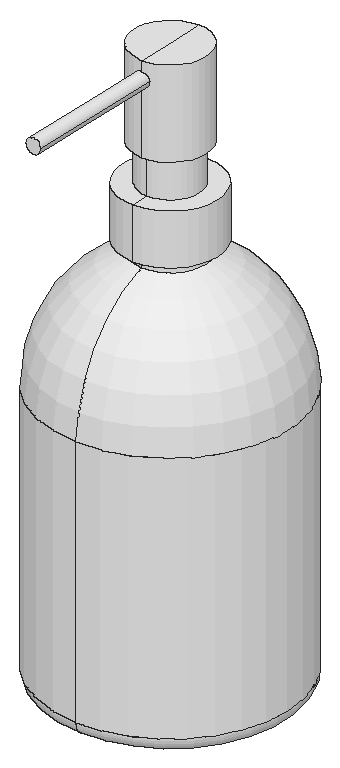
Revit family "SoapLiquidDispenser-Vitra-OriginSeries-A44891", category Plumbing Fixtures, host Face, Revit 2017
Family settings
  Host = Face
  Round Connector Dimension = Use Diameter
  Part Type = Normal
  OmniClass Number = 23.45.00.00
  OmniClass Title = Sanitary, Laundry, and Cleaning Equipment
  Cut with Voids When Loaded = No
  Shared = Yes
  Room Calculation Point = No
Parameters (values of type "SoapLiquidDispenser-Vitra-OriginSeries-(Chrome)-A44891")
  Youtube = "https://www.youtube.com/user/VitrAglobal"
  Weight Net (kg) = "0.9"
  Waste Connection = no
  Warranty Period (Year) = "5 years"
  Vent Connection = no
  Uniformat II Description = "FURNISHINGS"
  Uniformat II Code = "E20"
  Uniclass 2015 Name = "Soap dispensers"
  Uniclass 2015 Code = "Pr_40_70_22_81"
  Uniclass 2.0 Description = "Soap Dispensers"
  Uniclass 2.0 Code = "PR-35-76-80"
  Uniclass 1.4 Description = "Soap holders/dispensers"
  Uniclass 1.4 Code = "L8246"
  URL = "https://vitraglobal.com/"
  UNSPSC Description = "Sanitary ware"
  UNSPSC Code = ""
  Technical description = "https://vitraglobal.com/"
  Tap hole Options (default) = ""
  Specification = ""
  Region South America = "All"
  Region Oceania = "All"
  Region North America = "All"
  Region Middle East = "All"
  Region Europe = "All"
  Region Asia = "All"
  Region Antarctica = "All"
  Region Africa = "All"
  Product url = "https://vitraglobal.com/"
  Product manual = ""
  Product group = "Liquid Soap Dispenser"
  Product family = "OriginSeries"
  Product data url = "https://www.bimobject.com/vitra-bathrooms/product/a44891"
  Product certification = "https://www.vitraglobal.com/brochures/"
  Product Type = "Liquid Soap Dispenser"
  Product SKU = "A44891"
  Product Properties = "Liquid Soap Dispenser"
  Product Guid = ""
  OmniClass Description = "Hand Soap Dispensers"
  OmniClass Code = "23-31 25 29 13"
  Nominal Width (mm) = 80 mm
  Nominal Height (mm) = 200 mm
  Nominal Depth (mm) = 100 mm
  NBS Referans Description = "Soap Dispensers"
  NBS Referans Code = "35-76-80"
  Mounting type = ""
  Model = "A44891"
  Masterformat 2014 Description = "Furnishings"
  Masterformat 2014 Code = "12 00 00"
  Manufacturer name = "Vitra"
  Manufacturer = "Vitra"
  Main Material = "Metal"
  Installation instructions = ""
  IFC Classification = "Sanitary Terminal"
  Help = ""
  HW Connection = no
  GTIP code = ""
  Features = ""
  EAN code = ""
  Design country = "Turkey"
  Description = "Origin Liquid Soap Dispenser"
  Default Elevation = 0 mm
  Color = "White"
  Coating Material = Chrome
  Calculated flow = ""
  CW Connection = no
  COBIe Type Category = ""
  Brand = "VitrA"
  BIMobject category = "Sanitary - Dispensers"
  Article No. (default) = "A44891"
  Approvals = ""
  ApplicationType = ""
  Accessories (default) = ""
Types (4, lengths in mm): name | Product data url | Product SKU | Model | Color | Coating Material | Article No. (default)
  SoapLiquidDispenser-Vitra-OriginSeries-(Chrome)-A44891 | "https://www.bimobject.com/vitra-bathrooms/product/a44891" | "A44891" | "A44891" | "White" | Chrome | "A44891"
  SoapLiquidDispenser-Vitra-OriginSeries-(Black)-A4489136 | "" | "A4489136" | "A4489136" | "Black" | Black | "A4489136"
  SoapLiquidDispenser-Vitra-OriginSeries-(BrushedNickel)-A4489134 | "" | "A4489134" | "A4489134" | "Brushed Nickel" | Brushed Nickel | "A4489134"
  SoapLiquidDispenser-Vitra-OriginSeries-(Copper)-A4489126 | "" | "A4489126" | "A4489126" | "Copper" | Copper | "A4489126"
Reference planes
  plane 1 "Center (Front/Back)": y = 0
  plane 2: z = 0
  plane 3 "Center (Left/Right)": x = 0
  plane 4: y = 41
  plane 5: y = -59
  plane 6: x = 39.413
  plane 7: x = -40.587
  plane 8: z = 200
Forms (mm)
  Revolve 1, solid, material "Chrome" <- "Coating Material", detail levels fine
    sketch origin (0, 0, 0) x (0, 1, 0) y (0, 0, 1)
      loop
        line (0, 0) -> (35.567, 0)
        arc (35.567, 0) -> (39.103, 1.464) -> (40.567, 5) r 5
        line (40.567, 5) -> (40.567, 91.806)
        arc (40.567, 91.806) -> (32.896, 116.935) -> (12.5, 133.498) r 45
        line (12.5, 133.498) -> (12.5, 137) -> (16.25, 137) -> (16.25, 154.5) -> (10, 154.5) -> (10, 167.5) -> (12.367, 167.5) -> (12.367, 197.5) -> (0, 197.5) -> (0, 0)
      axis (0, 0) -> (0, 197.5)
    angle from 0 to 360
  Extrusion 2, solid, material "Chrome" <- "Coating Material", detail levels fine
    sketch origin (2.593, -59, 191.5) x (1, 0, 0) y (0, 0, 1)
      loop
        circle (-2.605, 0) r 2.5
    from 0 to -59
  Revolve 3, solid, detail levels medium
    sketch origin (0, 0, 0) x (0, 1, 0) y (0, 0, 1)
      loop
        line (0, 197.5) -> (0, 0) -> (41, 0) -> (41, 95)
        arc (41, 95) -> (34.352, 119.375) -> (16.25, 137) r 48.011
        line (16.25, 137) -> (16.25, 154.5) -> (12.367, 154.5) -> (12.367, 197.5) -> (0, 197.5)
      axis (0, 197.5) -> (0, 0)
    angle from 0 to 360
  Extrusion 4, solid, detail levels coarse
    sketch origin (0, 0, 0) x (1, 0, 0) y (0, 1, 0)
      loop
        line (39.413, 41) -> (-40.587, 41) -> (-40.587, -59) -> (39.413, -59) -> (39.413, 41)
    from 0 to 200
Cuts and joins
  joined: Revolve 1, Extrusion 2
Dimensions and locks
  "Nominal Width (mm)": plane 7 to plane 6
  "Nominal Depth (mm)": plane 4 to plane 5
  "Nominal Height (mm)": plane 8 to level
  aligned and locked: plane 2 to host face
  aligned and locked: level to host face
Automatic sketch dimensions
  host sketch curve to host sketch curve = 2438.4 mm  (x2)
  Revolve 1 sketch curve to plane 1 "Center (Front/Back)" = 0 mm  (x2)
  plane 1 "Center (Front/Back)" to Revolve 1 sketch curve = 4.433 mm
  Revolve 1 sketch curve to plane 1 "Center (Front/Back)" = 10 mm
  Revolve 1 sketch curve to plane 8 = 2.5 mm
  Revolve 1 sketch curve to Revolve 1 sketch curve = 12.367 mm
  Revolve 1 sketch curve to plane 1 "Center (Front/Back)" = 12.5 mm
  Revolve 1 sketch curve to Revolve 1 sketch curve = 6.25 mm
  Revolve 1 sketch curve to plane 4 = 5.433 mm
  Revolve 1 sketch curve to plane 4 = 0.433 mm
  Revolve 1 sketch curve to Revolve 1 sketch curve = 30 mm
  Revolve 1 sketch curve to Revolve 1 sketch curve = 13 mm
  Revolve 1 sketch curve to Revolve 1 sketch curve = 17.5 mm
  Revolve 1 sketch curve to Revolve 1 sketch curve = 3.502 mm
  level to Revolve 1 sketch curve = 5 mm
  Revolve 1 sketch curve to Revolve 1 sketch curve = 6.945 mm
  Revolve 1 sketch curve to Revolve 1 sketch curve = 36.806 mm
  Extrusion 2 sketch curve to plane 3 "Center (Left/Right)" = 0.012 mm
  Extrusion 2 sketch curve to plane 8 = 8.5 mm
  Revolve 3 sketch curve to level = 0 mm
  Revolve 3 sketch curve to plane 1 "Center (Front/Back)" = 0 mm  (x2)
  Revolve 3 sketch curve to plane 4 = 0 mm
  plane 1 "Center (Front/Back)" to Revolve 3 sketch curve = 7.011 mm
  Revolve 3 sketch curve to plane 8 = 2.5 mm
  Revolve 3 sketch curve to Revolve 3 sketch curve = 12.367 mm
  Revolve 3 sketch curve to Revolve 3 sketch curve = 3.883 mm
  Revolve 3 sketch curve to Revolve 3 sketch curve = 95 mm
  Revolve 3 sketch curve to Revolve 3 sketch curve = 17.5 mm
  Revolve 3 sketch curve to Revolve 3 sketch curve = 31.25 mm
  Revolve 3 sketch curve to Revolve 3 sketch curve = 3.75 mm
  Extrusion 4 sketch curve to plane 4 = 0 mm
  Extrusion 4 sketch curve to plane 7 = 0 mm
  Extrusion 4 sketch curve to plane 5 = 0 mm
  Extrusion 4 sketch curve to plane 6 = 0 mm
  radius of Extrusion 2 sketch curve = 2.5 mm
